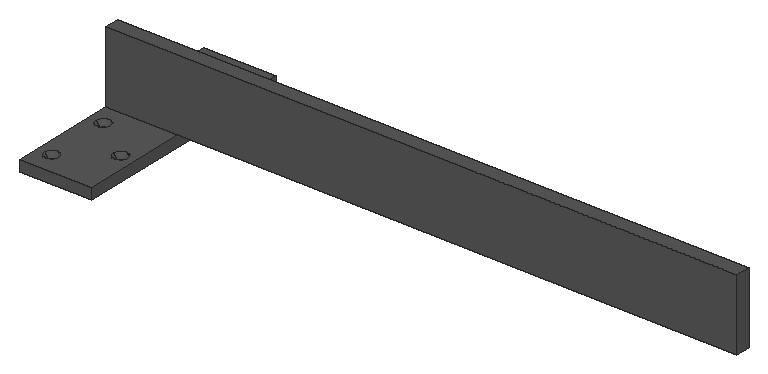
Revit family "Centerline_Brackets_Floating_Wall_Mount_Universal", category Generic Models, Revit 2026
Family settings
  Can host rebar = No
  Round Connector Dimension = Use Diameter
  Part Type = Normal
  Work Plane-Based = Yes
  Always vertical = No
  Cut with Voids When Loaded = No
  Maintain Annotation Orientation = No
  Shared = No
  Room Calculation Point = No
Parameters (values of type "FWU-R22")
  Specification = ""
  SpecWizard = ""
  Sales Information = ""
  Product Data = ""
  Model = "FWU-R22"
  Manufacturer Website = "https://www.countertopbracket.com/Default.asp"
  Manufacturer Phone - Toll Free = "888-960-3854"
  Manufacturer Phone = "904-217-4186"
  Manufacturer Fax = "904-429-9450"
  Manufacturer Email = "support@countertopbracket.com"
  Manufacturer Address = "208 W Davis Industrial Dr., St. Augustine, FL 32084"
  Manufacturer = "Centerline Brackets"
  Length = 22.00"
  Installation-Fabrication = ""
  Green Building-LEED = "https://www.arcat.com/company/centerline-brackets-53029/leed"
  Default Elevation = 48.00"
  Construction Details = "https://www.arcat.com/company/centerline-brackets-53029/cad"
Types (17): name | Model | Length
  (no name) | "FWU-R22" | 22.00"
  FWU-R07 | "FWU-R07" | 7.00"
  FWU-R09 | "FWU-R09" | 9.00"
  FWU-R10 | "FWU-R10" | 10.00"
  FWU-R11 | "FWU-R11" | 11.00"
  FWU-R12 | "FWU-R12" | 12.00"
  FWU-R13 | "FWU-R13" | 13.00"
  FWU-R14 | "FWU-R14" | 14.00"
  FWU-R15 | "FWU-R15" | 15.00"
  FWU-R16 | "FWU-R16" | 16.00"
  FWU-R17 | "FWU-R17" | 17.00"
  FWU-R18 | "FWU-R18" | 18.00"
  FWU-R19 | "FWU-R19" | 19.00"
  FWU-R20 | "FWU-R20" | 20.00"
  FWU-R21 | "FWU-R21" | 21.00"
  FWU-R22 | "FWU-R22" | 22.00"
  FWU-R08 | "FWU-R08" | 8.00"
Reference planes (in)
  plane 1 "Center (Front/Back)": y = 0
  plane 2: z = 0
  plane 3 "Center (Left/Right)": x = 0
  plane 4: y = 0.25
  plane 5: y = -0.25
  plane 6: y = 4
  plane 7: y = -4
  plane 8: x = 22
  plane 9: y = 3.25
  plane 10: y = -3.25
  plane 11: y = 1
  plane 12: y = -1
  plane 13: y = 2.12
  plane 14: y = -2.12
  plane 15: z = 2.88
  plane 16: z = 0.38
  plane 17: z = 0.19
Forms (in)
  Extrusion 1, solid, material "Black Powder Coated"
    sketch origin (2.5, 0, 0) x (1, 0, 0) y (0, 1, 0)
      loop
        line (-2.5, 4) -> (-2.5, -4) -> (0, -4) -> (0, 4) -> (-2.5, 4)
    from 0 to 0.38
  Revolve 2, void
    sketch origin (62.5, 3.25, 48) x (1, 0, 0) y (0, 0, 1)
      loop
        line (-60.5, -47.62) -> (-60.75, -47.62) -> (-60.633, -47.81) -> (-60.633, -48) -> (-60.5, -48) -> (-60.5, -47.62)
      axis (-60.5, -47.62) -> (-60.5, -48)
    angle from 0 to 360
  Revolve 3, void
    sketch origin (61, 2.12, 48) x (1, 0, 0) y (0, 0, 1)
      loop
        line (-60.5, -47.62) -> (-60.75, -47.62) -> (-60.633, -47.81) -> (-60.633, -48) -> (-60.5, -48) -> (-60.5, -47.62)
      axis (-60.5, -47.62) -> (-60.5, -48)
    angle from 0 to 360
  Revolve 4, void
    sketch origin (62.5, -2.12, 48) x (1, 0, 0) y (0, 0, 1)
      loop
        line (-60.5, -47.62) -> (-60.75, -47.62) -> (-60.633, -47.81) -> (-60.633, -48) -> (-60.5, -48) -> (-60.5, -47.62)
      axis (-60.5, -47.62) -> (-60.5, -48)
    angle from 0 to 360
  Revolve 5, void
    sketch origin (61, -3.25, 48) x (1, 0, 0) y (0, 0, 1)
      loop
        line (-60.5, -47.62) -> (-60.75, -47.62) -> (-60.633, -47.81) -> (-60.633, -48) -> (-60.5, -48) -> (-60.5, -47.62)
      axis (-60.5, -47.62) -> (-60.5, -48)
    angle from 0 to 360
  Revolve 6, void
    sketch origin (61, -1, 48) x (1, 0, 0) y (0, 0, 1)
      loop
        line (-60.5, -47.62) -> (-60.75, -47.62) -> (-60.633, -47.81) -> (-60.633, -48) -> (-60.5, -48) -> (-60.5, -47.62)
      axis (-60.5, -47.62) -> (-60.5, -48)
    angle from 0 to 360
  Revolve 7, void
    sketch origin (62.5, 1, 48) x (1, 0, 0) y (0, 0, 1)
      loop
        line (-60.5, -47.62) -> (-60.75, -47.62) -> (-60.633, -47.81) -> (-60.633, -48) -> (-60.5, -48) -> (-60.5, -47.62)
      axis (-60.5, -47.62) -> (-60.5, -48)
    angle from 0 to 360
  Extrusion 8, solid, material "Black Powder Coated"
    sketch origin (0.35, 0, 0) x (-1, 0, 0) y (0, -1, 0)
      loop
        line (-21.65, -0.25) -> (0.35, -0.25) -> (0.35, 0.25) -> (-21.65, 0.25) -> (-21.65, -0.25)
    from 0.38 to 2.88
Cuts and joins
  Revolve 2, Revolve 3, Revolve 4, Revolve 5, Revolve 6, Revolve 7 cuts Extrusion 1
  joined: Extrusion 1, Extrusion 8
Dimensions and locks (in)
  "Length": plane 3 "Center (Left/Right)" to plane 8
  aligned and locked: plane 2 to level
  aligned and locked: Extrusion 8 to plane 3 "Center (Left/Right)"
  aligned and locked: Extrusion 8 sketch curve to plane 8
Automatic sketch dimensions
  Extrusion 1 sketch curve to plane 3 "Center (Left/Right)" = 0.00"
  plane 7 to Extrusion 1 sketch curve = 0.00"
  plane 6 to Extrusion 1 sketch curve = 0.00"
  plane 3 "Center (Left/Right)" to Extrusion 1 sketch curve = 2.50"
  Revolve 2 sketch curve to plane 16 = 0.00"
  Revolve 2 sketch curve to plane 17 = 0.00"
  Revolve 2 sketch curve to level = 0.00"
  plane 3 "Center (Left/Right)" to Revolve 2 sketch curve = 1.75"
  Revolve 2 sketch curve to Revolve 2 sketch curve = 0.117"
  Revolve 2 sketch curve to Revolve 2 sketch curve = 0.133"
  Revolve 2 sketch curve to Revolve 2 sketch curve = 0.00"
  Revolve 2 sketch curve to Revolve 2 sketch curve = 0.29707"
  plane 16 to Revolve 2 sketch curve = 0.82293"
  Revolve 3 sketch curve to plane 16 = 0.00"
  Revolve 3 sketch curve to plane 17 = 0.00"
  Revolve 3 sketch curve to level = 0.00"
  plane 3 "Center (Left/Right)" to Revolve 3 sketch curve = 0.25"
  Revolve 3 sketch curve to Revolve 3 sketch curve = 0.117"
  Revolve 3 sketch curve to Revolve 3 sketch curve = 0.133"
  Revolve 3 sketch curve to Revolve 3 sketch curve = 0.00"
  Revolve 3 sketch curve to Revolve 3 sketch curve = 0.29707"
  plane 16 to Revolve 3 sketch curve = 0.82293"
  Revolve 4 sketch curve to plane 16 = 0.00"
  Revolve 4 sketch curve to plane 17 = 0.00"
  Revolve 4 sketch curve to level = 0.00"
  plane 3 "Center (Left/Right)" to Revolve 4 sketch curve = 1.75"
  Revolve 4 sketch curve to Revolve 4 sketch curve = 0.117"
  Revolve 4 sketch curve to Revolve 4 sketch curve = 0.133"
  Revolve 4 sketch curve to Revolve 4 sketch curve = 0.00"
  Revolve 4 sketch curve to Revolve 4 sketch curve = 0.29707"
  plane 16 to Revolve 4 sketch curve = 0.82293"
  Revolve 5 sketch curve to plane 16 = 0.00"
  Revolve 5 sketch curve to plane 17 = 0.00"
  Revolve 5 sketch curve to level = 0.00"
  plane 3 "Center (Left/Right)" to Revolve 5 sketch curve = 0.25"
  Revolve 5 sketch curve to Revolve 5 sketch curve = 0.117"
  Revolve 5 sketch curve to Revolve 5 sketch curve = 0.133"
  Revolve 5 sketch curve to Revolve 5 sketch curve = 0.00"
  Revolve 5 sketch curve to Revolve 5 sketch curve = 0.29707"
  plane 16 to Revolve 5 sketch curve = 0.82293"
  Revolve 6 sketch curve to plane 16 = 0.00"
  Revolve 6 sketch curve to plane 17 = 0.00"
  Revolve 6 sketch curve to level = 0.00"
  plane 3 "Center (Left/Right)" to Revolve 6 sketch curve = 0.25"
  Revolve 6 sketch curve to Revolve 6 sketch curve = 0.117"
  Revolve 6 sketch curve to Revolve 6 sketch curve = 0.133"
  Revolve 6 sketch curve to Revolve 6 sketch curve = 0.00"
  Revolve 6 sketch curve to Revolve 6 sketch curve = 0.29707"
  plane 16 to Revolve 6 sketch curve = 0.82293"
  Revolve 7 sketch curve to plane 16 = 0.00"
  Revolve 7 sketch curve to plane 17 = 0.00"
  Revolve 7 sketch curve to level = 0.00"
  plane 3 "Center (Left/Right)" to Revolve 7 sketch curve = 1.75"
  Revolve 7 sketch curve to Revolve 7 sketch curve = 0.117"
  Revolve 7 sketch curve to Revolve 7 sketch curve = 0.133"
  Revolve 7 sketch curve to Revolve 7 sketch curve = 0.00"
  Revolve 7 sketch curve to Revolve 7 sketch curve = 0.29707"
  plane 16 to Revolve 7 sketch curve = 0.82293"
  Extrusion 8 sketch curve to plane 3 "Center (Left/Right)" = 0.00"
  plane 5 to Extrusion 8 sketch curve = 0.00"
  plane 4 to Extrusion 8 sketch curve = 0.00"
